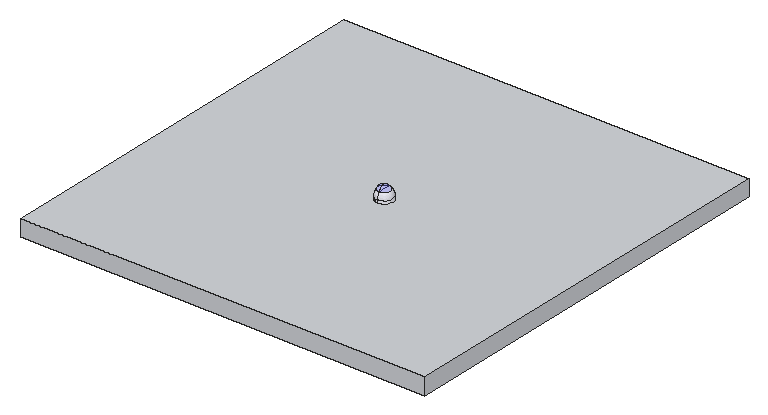
Revit family "BEG-92440", category Dispositifs d'éclairage, Revit 2015
Parameters
  Detection zone [instance] = yes
  URL = "http://www.luxomat.com/en-92440"
  Type of output = "SWITCH"
  Ambiant temperature = "-25°C to +50°C"
  Ref = "92440"
  Relay = "10A"
  height position [instance] = 250 cm
  Modèle = "PD4-M-2C-C-SM"
  Installation type = "Ceiling"
  Brand = "LUXOMAT"
  Image du type = 92440.jpg
  IP = "54"
  Mounting height max = Installation height max  # 270 cm
  Installation height max = 270 cm
  Fabricant = "B.E.G"
  Label [instance] = yes
  Default Elevation = 0 cm
  Consumption = "0.49W"
  Commentaires du type = "Occupancy detector PD4-M-2C-C-SM"
  Code d'assemblage = "D5010200"
  Class = "2"
  Switching power LED = "300W"
  Switching power Cos ɸ =1 = "2300W"
  Switching power Cos ɸ =0,5 = "1150VA"
  Power voltage = "110-240 V AC"
Reference planes (cm)
  plane 1 "Centre (avant/arrière)": y = 0
  plane 2: z = 0
  plane 3 "Centre (gauche/droite)": x = 0
Forms (cm)
  Extrusion 1, solid
    sketch origin (0, 0, 0) x (1, 0, 0) y (0, 1, 0)
      loop
        line (-121.92, 121.92) -> (-121.92, -121.92) -> (121.92, -121.92) -> (121.92, 121.92) -> (-121.92, 121.92)
    from 0 to -10
Dimensions and locks (cm)
  aligned and locked: plane 2 to Extrusion 1
  aligned and locked: level to Extrusion 1
  aligned and locked: nested 2 to plane 2
Nested families (cm)
  nested 1: "Famille1" at (0, -72.6659, 0) x (-1, 0, 0) z (0, 0, 1), reference <- "Ref", modele <- "Modèle", visible <- "Label", type "Famille1"
    with reference "92440", modele "PD4-M-2C-C-SM"
  nested 2: "M14" at (0, 0, 0), type "Standard"
  nested 3: "Symbole plafond 2D couloir" at (0, 0.102, 0), type "Symbole plafond 2D couloir"
  nested 4: "zone I" at (0, 0, 0), visible <- "Detection zone", type "zone I"
    with position 2 320 cm, position 1 960 cm, frontal 800 cm, biais 2400 cm, activité assise 640 cm
Connectors (cm)
  electrical at (0.5717, -0.15, -5.1)
    settings: on nested 2, index 1, voltage 240 V, apparent load 0 VA, apparent load phase1 0 VA, apparent load phase2 0 VA, apparent load phase3 0 VA, power factor 1, load classification "Eclairage", number of poles 1, system type 31, power factor state 1, is connector primary yes, connector utility no, sub classification motor no, connector description ""
Definition of nested family "M14"
  Reference planes (cm)
    plane 1 "Centre (avant/arrière)": y = 0
    plane 2: z = 0
    plane 3 "Centre (gauche/droite)": x = 0
    plane 4: x = 0
  Forms (cm)
    Revolve 1, solid
      sketch origin (0, 0, 0) x (0, -1, 0) y (0, 0, 1)
        loop
          line (0, 0) -> (0, 5) -> (-3.8, 5)
          arc (-3.8, 5) -> (-4.577, 3.2225) -> (-4.8363, 1.3) r 7
          line (-4.8363, 1.3) -> (-4.9363, 1.3) -> (-5.05, 0) -> (0, 0)
        axis (0, 0) -> (0, 5)
      angle from 0 to 360
    Revolve 2, solid
      sketch origin (0, 0, 0) x (0, -1, 0) y (0, 0, 1)
        loop
          arc (0, 7.6) -> (-2.2816, 6.8864) -> (-3.75, 5) r 4.0043
          line (-3.75, 5) -> (0, 5) -> (0, 7.6)
        axis (0, 5) -> (0, 7.6)
      angle from 0 to 360
  Lines and regions (cm)
    reference lines
      curve 1: line (0, 0, 0) -> (0, 0, 7.6)
      curve 2: line (0, 0, 5) -> (0, 3.8, 5)
      curve 3: arc (0, 3.8, 5) -> (0, 4.577, 3.2225) -> (0, 4.8363, 1.3) r 7
      curve 4: line (0, 4.9363, 1.3) -> (0, 4.8363, 1.3)
      curve 5: line (0, 5.05, 0) -> (0, 4.9363, 1.3)
      curve 6: line (0, 0, 0) -> (0, 5.05, 0)
      curve 7: arc (0, 0, 7.6) -> (0, 2.2816, 6.8864) -> (0, 3.75, 5) r 4.0043
      curve 8: line (0, 3.75, 5) -> (0, 0, 5)
      curve 9: line (0, 0, 7.6) -> (0, 0, 5)
      curve 10: line (0, 0, 0) -> (0, 0, 7.6)
  Dimensions and locks (cm)
    aligned and locked: level to plane 2
    aligned and locked: Revolve 1 sketch curve to curve 1  (x2)
    aligned and locked: Revolve 1 sketch curve to curve 2
    aligned and locked: Revolve 1 sketch curve to curve 3
    aligned and locked: Revolve 1 sketch curve to curve 4
    aligned and locked: Revolve 1 sketch curve to curve 5
    aligned and locked: Revolve 1 sketch curve to curve 6
    aligned and locked: Revolve 2 sketch curve to curve 7
    aligned and locked: Revolve 2 sketch curve to curve 8
    aligned and locked: Revolve 2 sketch curve to curve 9
    aligned and locked: Revolve 2 sketch curve to curve 10
Definition of nested family "Famille1"
  Parameters (values of type "Famille1")
    reference [instance] = ""
    modele [instance] = ""
  Reference planes (cm)
    plane 1: y = 0
    plane 2: x = 0
  Text (cm)
    label "reference\n\nmodele" at (0.0074, 0.0451, 0), shows "reference", "modele"
Definition of nested family "Symbole plafond 2D couloir"
  Reference planes (cm)
    plane 1: y = 0
    plane 2: x = 0
  Lines and regions (cm)
    Filled region 1, type "rouge"
      outline origin (0, 0, 0) x (1, 0, 0) y (0, 1, 0)
        loop
          circle (0, 0) r 0.0294
    detail lines
      curve 1: arc (-0.0294, 0, 0) -> (0, -0.0294, 0) -> (0.0294, 0, 0) r 0.0294
      curve 2: arc (0.0294, 0, 0) -> (0, 0.0294, 0) -> (-0.0294, 0, 0) r 0.0294
      curve 3: arc (-0.1768, 0.102, 0) -> (-0.2041, 0, 0) -> (-0.1768, -0.102, 0) r 0.204
      curve 4: arc (0.1766, -0.102, 0) -> (0.2039, 0, 0) -> (0.1766, 0.102, 0) r 0.204
      curve 5: arc (-0.1404, 0.081, 0) -> (-0.1621, 0, 0) -> (-0.1404, -0.081, 0) r 0.162
      curve 6: arc (0.1402, -0.081, 0) -> (0.1619, 0, 0) -> (0.1402, 0.081, 0) r 0.162
      curve 7: arc (-0.104, 0.06, 0) -> (-0.1201, 0, 0) -> (-0.104, -0.06, 0) r 0.12
      curve 8: arc (0.1038, -0.06, 0) -> (0.1199, 0, 0) -> (0.1038, 0.06, 0) r 0.12
Definition of nested family "zone I"
  Parameters (values of type "zone I")
    position 2 [instance] = (frontal / 2) * 0.8  # 320 cm
    position 1 [instance] = (biais / 2) * 0.8  # 960 cm
    frontal [instance] = 800 cm
    biais [instance] = 2400 cm
    activité assise [instance] = 640 cm
  Reference planes (cm)
    plane 1 "Centre (avant/arrière)": y = 0
    plane 2: z = 0
    plane 3 "Centre (gauche/droite)": x = 0
    plane 4: x = 1000
    plane 5: x = -1000
    plane 6: x = -2000
    plane 7: x = 2000
    plane 8: y = 150
    plane 9: y = -150
    plane 10: y = 250
    plane 11: y = -250
  Lines and regions (cm)
    detail lines, in view "Niveau de réf."
      curve 1: spline (2.3068, -307.7265, 0) -> (4.0856, -307.3949, 0) -> (5.7432, -306.4226, 0) -> (7.1667, -304.876, 0) -> (8.2589, -302.8603, 0) -> (8.9455, -300.5131, 0) -> (9.1797, -297.9942, 0) -> (8.9455, -295.4753, 0) -> (8.2589, -293.1281, 0) -> (7.1667, -291.1125, 0) -> (5.7432, -289.5658, 0) -> (4.0856, -288.5936, 0) -> (2.3068, -288.262, 0) -> (0.5279, -288.5936, 0) -> (-1.1297, -289.5658, 0) -> (-2.5531, -291.1125, 0) -> (-3.6453, -293.1281, 0) -> (-4.3319, -295.4753, 0) -> (-4.5661, -297.9942, 0) -> (-4.3319, -300.5131, 0) -> (-3.6453, -302.8603, 0) -> (-2.5531, -304.876, 0) -> (-1.1297, -306.4226, 0) -> (0.5279, -307.3949, 0) -> (2.3068, -307.7265, 0)
      curve 2: line (-4.7649, -295.0929, 0) -> (0.5136, -307.9212, 0)
      curve 3: line (3.5648, -308.0775, 0) -> (9.2455, -294.5266, 0)
      curve 4: line (-0.3759, -288.4588, 0) -> (-3.0011, -290.8806, 0)
      curve 5: line (3.5053, -308.5045, 0) -> (6.62, -308.3756, 0)
      curve 6: line (1.7304, -308.3525, 0) -> (3.5053, -308.5045, 0)
      curve 7: line (-4.7649, -295.0929, 0) -> (0.5136, -307.9212, 0)
      curve 8: line (-21.1936, -295.3894, 0) -> (-24.4202, -297.3623, 0)
      curve 9: line (-21.1936, -295.3894, 0) -> (-24.4202, -297.3623, 0)
      curve 10: line (-0.3759, -288.4588, 0) -> (-3.0011, -290.8806, 0)
      curve 11: line (1.7304, -308.3525, 0) -> (6.62, -308.3756, 0)
      curve 12: line (3.5648, -308.0775, 0) -> (9.2455, -294.5266, 0)
      curve 13: line (0, -280, 0) -> (0, -249.0788, 0)
      curve 14: line (0, -249.0788, 0) -> (0, -240.7814, 0)
      curve 15: spline (-1521.106, -27.7265, 0) -> (-1519.3271, -27.3949, 0) -> (-1517.6695, -26.4226, 0) -> (-1516.2461, -24.876, 0) -> (-1515.1539, -22.8603, 0) -> (-1514.4673, -20.5131, 0) -> (-1514.2331, -17.9942, 0) -> (-1514.4673, -15.4753, 0) -> (-1515.1539, -13.1281, 0) -> (-1516.2461, -11.1125, 0) -> (-1517.6695, -9.5658, 0) -> (-1519.3271, -8.5936, 0) -> (-1521.106, -8.262, 0) -> (-1522.8848, -8.5936, 0) -> (-1524.5424, -9.5658, 0) -> (-1525.9659, -11.1125, 0) -> (-1527.0581, -13.1281, 0) -> (-1527.7447, -15.4753, 0) -> (-1527.9789, -17.9942, 0) -> (-1527.7447, -20.5131, 0) -> (-1527.0581, -22.8603, 0) -> (-1525.9659, -24.876, 0) -> (-1524.5424, -26.4226, 0) -> (-1522.8848, -27.3949, 0) -> (-1521.106, -27.7265, 0)
      curve 16: line (-1528.1777, -15.0929, 0) -> (-1522.8992, -27.9212, 0)
      curve 17: line (-1519.848, -28.0775, 0) -> (-1514.1673, -14.5266, 0)
      curve 18: line (-1523.7887, -8.4588, 0) -> (-1526.4139, -10.8806, 0)
      curve 19: line (-1519.9075, -28.5045, 0) -> (-1516.7928, -28.3756, 0)
      curve 20: line (-1521.6824, -28.3525, 0) -> (-1519.9075, -28.5045, 0)
      curve 21: line (-1528.1777, -15.0929, 0) -> (-1522.8992, -27.9212, 0)
      curve 22: line (-1544.6063, -15.3894, 0) -> (-1547.833, -17.3623, 0)
      curve 23: line (-1544.6063, -15.3894, 0) -> (-1547.833, -17.3623, 0)
      curve 24: line (-1523.7887, -8.4588, 0) -> (-1526.4139, -10.8806, 0)
      curve 25: line (-1521.6824, -28.3525, 0) -> (-1516.7928, -28.3756, 0)
      curve 26: line (-1519.848, -28.0775, 0) -> (-1514.1673, -14.5266, 0)
      curve 27: line (-1523.4128, 0, 0) -> (-1523.4128, 30.9212, 0)
      curve 28: line (-1523.4128, 30.9212, 0) -> (-1523.4128, 39.2186, 0)
      curve 169: spline (-372.7692, 145.0624, 0) -> (-523.6863, 149.8316, 0) -> (-672.4215, 140.7991, 0) -> (-805.2741, 118.7969, 0) -> (-910.0066, 85.8517, 0) -> (-976.9713, 44.9984, 0) -> (-1000, 0, 0) -> (-976.9713, -44.9984, 0) -> (-910.0066, -85.8517, 0) -> (-805.2741, -118.7969, 0) -> (-672.4215, -140.7991, 0) -> (-523.6863, -149.8316, 0) -> (-372.7692, -145.0624, 0)
      curve 170: arc (-1930.5405, 241.3176, 0) -> (-2000, 0, 0) -> (-1930.5405, -241.3176, 0) r 453.9252
      curve 171: line (-852.071, 106.5089, 0) -> (-1930.5405, 241.3176, 0)
      curve 172: line (-852.071, -106.5089, 0) -> (-1930.5405, -241.3176, 0)
      curve 173: arc (-372.7692, -145.0624, 0) -> (0, -400, 0) -> (372.7692, -145.0624, 0) r 400
      curve 174: spline (372.7692, 145.0624, 0) -> (523.6863, 149.8316, 0) -> (672.4215, 140.7991, 0) -> (805.2741, 118.7969, 0) -> (910.0066, 85.8517, 0) -> (976.9713, 44.9984, 0) -> (1000, 0, 0) -> (976.9713, -44.9984, 0) -> (910.0066, -85.8517, 0) -> (805.2741, -118.7969, 0) -> (672.4215, -140.7991, 0) -> (523.6863, -149.8316, 0) -> (372.7692, -145.0624, 0)
      curve 175: arc (1930.5405, 241.3176, 0) -> (2000, 0, 0) -> (1930.5405, -241.3176, 0) r 453.9252
      curve 176: line (852.071, 106.5089, 0) -> (1930.5405, 241.3176, 0)
      curve 177: line (852.071, -106.5089, 0) -> (1930.5405, -241.3176, 0)
      curve 178: arc (372.7692, 145.0624, 0) -> (0, 400, 0) -> (-372.7692, 145.0624, 0) r 400
    detail lines, in view "Niveau de réf.", not visible
      curve 29: spline (925.976, -22.5654, 0) -> (926.342, -22.7186, 0) -> (927.4152, -22.8614, 0) -> (929.1224, -22.984, 0) -> (931.3472, -23.0781, 0) -> (933.938, -23.1373, 0) -> (936.7184, -23.1574, 0) -> (939.4987, -23.1373, 0) -> (942.0896, -23.0781, 0) -> (944.3144, -22.984, 0) -> (946.0216, -22.8614, 0) -> (947.0948, -22.7186, 0) -> (947.4608, -22.5654, 0) -> (947.0948, -22.4122, 0) -> (946.0216, -22.2694, 0) -> (944.3144, -22.1467, 0) -> (942.0896, -22.0527, 0) -> (939.4987, -21.9935, 0) -> (936.7184, -21.9733, 0) -> (933.938, -21.9935, 0) -> (931.3472, -22.0527, 0) -> (929.1224, -22.1467, 0) -> (927.4152, -22.2694, 0) -> (926.342, -22.4122, 0) -> (925.976, -22.5654, 0)
      curve 30: line (925.976, -22.5654, 0) -> (927.5256, -22.2591, 0)
      curve 31: arc (928.6032, -42.366, 0) -> (923.9612, -42.9632, 0) -> (919.6215, -44.716, 0) r 18.3388
      curve 32: arc (919.6215, -44.716, 0) -> (919.5545, -44.7818, 0) -> (919.5297, -44.8725, 0) r 0.1799
      curve 33: arc (928.7956, -42.9577, 0) -> (924.5053, -43.3576, 0) -> (920.3988, -44.6624, 0) r 20.1051
      curve 34: arc (920.3988, -44.6624, 0) -> (920.213, -44.7562, 0) -> (920.0404, -44.8725, 0) r 1.6679
      curve 35: circle (919.7851, -45.6065, 0) r 0.5096 normal (0, 0, 1)
      curve 36: arc (920.3547, -45.6065, 0) -> (919.7851, -45.0369, 0) -> (919.2155, -45.6065, 0) r 0.5696
      curve 37: arc (920.4147, -45.6065, 0) -> (919.7851, -44.9769, 0) -> (919.1555, -45.6065, 0) r 0.6296
      curve 38: arc (944.8336, -42.366, 0) -> (949.4756, -42.9632, 0) -> (953.8152, -44.716, 0) r 18.3388
      curve 39: arc (953.8152, -44.716, 0) -> (953.8823, -44.7818, 0) -> (953.907, -44.8725, 0) r 0.1799
      curve 40: arc (944.6412, -42.9577, 0) -> (948.9315, -43.3576, 0) -> (953.038, -44.6624, 0) r 20.1051
      curve 41: arc (953.038, -44.6624, 0) -> (953.2237, -44.7562, 0) -> (953.3964, -44.8725, 0) r 1.6679
      curve 42: circle (953.6517, -45.6065, 0) r 0.5096 normal (0, 0, 1)
      curve 43: arc (954.2213, -45.6065, 0) -> (953.6517, -45.0369, 0) -> (953.0821, -45.6065, 0) r 0.5696
      curve 44: arc (954.2813, -45.6065, 0) -> (953.6517, -44.9769, 0) -> (953.0221, -45.6065, 0) r 0.6296
      curve 45: arc (935.9933, -42.366, 0) -> (932.2655, -43.2182, 0) -> (928.7471, -44.716, 0) r 21.5424
      curve 46: arc (928.7471, -44.716, 0) -> (928.68, -44.7818, 0) -> (928.6553, -44.8725, 0) r 0.1799
      curve 47: arc (935.9933, -42.9577, 0) -> (932.6991, -43.5833, 0) -> (929.5243, -44.6624, 0) r 23.9713
      curve 48: arc (929.5243, -44.6624, 0) -> (929.3417, -44.7544, 0) -> (929.1716, -44.8681, 0) r 1.6679
      curve 49: arc (936.2298, -42.9577, 0) -> (932.9838, -43.6066, 0) -> (929.8464, -44.6624, 0) r 26.0219
      curve 50: arc (929.8464, -44.6624, 0) -> (929.6606, -44.7562, 0) -> (929.488, -44.8725, 0) r 1.6679
      curve 51: circle (929.0716, -45.6065, 0) r 0.5096 normal (0, 0, 1)
      curve 52: arc (929.6412, -45.6065, 0) -> (929.0716, -45.0369, 0) -> (928.502, -45.6065, 0) r 0.5696
      curve 53: arc (929.7012, -45.6065, 0) -> (929.0716, -44.9769, 0) -> (928.442, -45.6065, 0) r 0.6296
      curve 54: arc (937.4435, -42.366, 0) -> (941.1713, -43.2182, 0) -> (944.6897, -44.716, 0) r 21.5424
      curve 55: arc (944.6897, -44.716, 0) -> (944.7568, -44.7818, 0) -> (944.7815, -44.8725, 0) r 0.1799
      curve 56: arc (937.4435, -42.9577, 0) -> (940.7377, -43.5833, 0) -> (943.9124, -44.6624, 0) r 23.9713
      curve 57: arc (943.9124, -44.6624, 0) -> (944.0982, -44.7562, 0) -> (944.2708, -44.8725, 0) r 1.6679
      curve 58: arc (937.207, -42.9577, 0) -> (940.453, -43.6066, 0) -> (943.5904, -44.6624, 0) r 26.0219
      curve 59: arc (943.5904, -44.6624, 0) -> (943.7762, -44.7562, 0) -> (943.9488, -44.8725, 0) r 1.6679
      curve 60: circle (944.3651, -45.6065, 0) r 0.5096 normal (0, 0, 1)
      curve 61: arc (944.9347, -45.6065, 0) -> (944.3651, -45.0369, 0) -> (943.7956, -45.6065, 0) r 0.5696
      curve 62: arc (944.9947, -45.6065, 0) -> (944.3651, -44.9769, 0) -> (943.7356, -45.6065, 0) r 0.6296
      curve 63: arc (928.2447, -16.9067, 0) -> (929.3751, -19.9599, 0) -> (932.3873, -21.1953, 0) r 4.0512
      curve 64: arc (947.5341, -21.5503, 0) -> (948.2989, -21.9955, 0) -> (948.4581, -22.866, 0) r 1.0582
      curve 65: arc (948.4581, -22.866, 0) -> (947.1637, -32.0042, 0) -> (947.1824, -41.2336, 0) r 64.7189
      curve 66: arc (947.1824, -41.2336, 0) -> (947.3196, -41.7803, 0) -> (947.8, -42.0753, 0) r 0.7467
      curve 67: arc (947.8, -42.0753, 0) -> (950.8812, -42.6489, 0) -> (954.0146, -42.7177, 0) r 19.3577
      curve 68: arc (954.0146, -42.7177, 0) -> (953.6164, -42.2163, 0) -> (953.0065, -42.0212, 0) r 1.1013
      curve 69: arc (953.0065, -42.0212, 0) -> (950.8253, -41.5868, 0) -> (948.6939, -40.9514, 0) r 23.8747
      curve 70: arc (948.6939, -40.9514, 0) -> (949.6481, -32.326, 0) -> (950.4047, -23.6811, 0) r 379.1961
      curve 71: arc (950.4047, -23.6811, 0) -> (950.1819, -20.9354, 0) -> (948.1945, -19.0278, 0) r 3.8846
      curve 72: arc (948.1945, -19.0278, 0) -> (942.0386, -16.9625, 0) -> (935.5985, -16.1341, 0) r 33.2193
      curve 73: arc (935.5985, -16.1341, 0) -> (936.4011, -8.4722, 0) -> (936.3918, -0.7683, 0) r 72.9952
      curve 74: arc (936.1411, 2.5028, 0) -> (936.0331, 3.5186, 0) -> (935.9108, 4.5328, 0) r 72.9952
      curve 75: arc (933.0779, 4.298, 0) -> (930.9101, 3.5141, 0) -> (931.7641, 1.3729, 0) r 1.6042
      curve 76: arc (935.9108, 4.5328, 0) -> (932.5228, 6.4802, 0) -> (929.1348, 4.5328, 0) r 3.9209
      curve 77: arc (962.4108, -5.4595, 0) -> (962.3989, -5.5507, 0) -> (962.3115, -5.5223, 0) r 0.0597
      curve 78: arc (960.275, -5.2364, 0) -> (960.303, -5.394, 0) -> (960.1444, -5.4151, 0) r 0.1108
      curve 79: spline (932.3619, 15.8637, 0) -> (933.2734, 15.7331, 0) -> (934.1297, 15.3083, 0) -> (934.8726, 14.6182, 0) -> (935.4514, 13.7099, 0) -> (935.8267, 12.6452, 0) -> (935.9728, 11.4968, 0) -> (935.8798, 10.3428, 0) -> (935.5541, 9.262, 0) -> (935.0179, 8.3279, 0) -> (934.3076, 7.6043, 0) -> (933.4718, 7.1404, 0) -> (932.5673, 6.9679, 0) -> (931.6558, 7.0985, 0) -> (930.7994, 7.5233, 0) -> (930.0565, 8.2134, 0) -> (929.4777, 9.1217, 0) -> (929.1025, 10.1864, 0) -> (928.9564, 11.3348, 0) -> (929.0493, 12.4888, 0) -> (929.375, 13.5696, 0) -> (929.9113, 14.5037, 0) -> (930.6215, 15.2273, 0) -> (931.4574, 15.6912, 0) -> (932.3619, 15.8637, 0)
      curve 80: line (957.0918, -46.116, 0) -> (997.8768, -46.116, 0)
      curve 81: line (997.8768, -46.116, 0) -> (997.8768, -7.1091, 0)
      curve 82: line (997.8768, -7.1091, 0) -> (957.0918, -7.1091, 0)
      curve 83: line (957.0918, -7.1091, 0) -> (957.0918, -46.116, 0)
      curve 84: line (957.0918, -46.116, 0) -> (910.5345, -46.116, 0)
      curve 85: line (951.1501, -7.1091, 0) -> (1003.8185, -7.1091, 0)
      curve 86: line (1003.8185, -7.1091, 0) -> (1003.8185, -5.6427, 0)
      curve 87: line (1003.8185, -5.6427, 0) -> (951.1501, -5.6427, 0)
      curve 88: line (951.1501, -5.6427, 0) -> (951.1501, -7.1091, 0)
      curve 89: line (935.7304, -23.1574, 0) -> (937.7064, -23.1574, 0)
      curve 90: line (937.7064, -23.1574, 0) -> (937.7064, -42.366, 0)
      curve 91: line (937.7064, -42.366, 0) -> (935.7304, -42.366, 0)
      curve 92: line (935.7304, -42.366, 0) -> (935.7304, -23.1574, 0)
      curve 93: line (935.7304, -42.366, 0) -> (928.6032, -42.366, 0)
      curve 94: line (919.5297, -44.8725, 0) -> (920.0404, -44.8725, 0)
      curve 95: line (937.4435, -42.366, 0) -> (937.207, -42.9577, 0)
      curve 96: line (937.207, -42.9577, 0) -> (937.4435, -42.9577, 0)
      curve 97: line (937.4435, -42.9577, 0) -> (936.7184, -42.9577, 0)
      curve 98: line (936.7184, -42.9577, 0) -> (935.9933, -42.9577, 0)
      curve 99: line (935.9933, -42.9577, 0) -> (936.2298, -42.9577, 0)
      curve 100: line (936.2298, -42.9577, 0) -> (935.9933, -42.366, 0)
      curve 101: line (933.13, -42.9577, 0) -> (928.7956, -42.9577, 0)
      curve 102: line (919.2155, -45.6065, 0) -> (919.1555, -45.6065, 0)
      curve 103: line (920.3547, -45.6065, 0) -> (920.4147, -45.6065, 0)
      curve 104: line (919.8851, -44.9848, 0) -> (919.8851, -44.8725, 0)
      curve 105: line (919.6851, -44.9848, 0) -> (919.6851, -44.8725, 0)
      curve 106: line (937.7064, -42.366, 0) -> (944.8336, -42.366, 0)
      curve 107: line (953.907, -44.8725, 0) -> (953.3964, -44.8725, 0)
      curve 108: line (940.3068, -42.9577, 0) -> (944.6412, -42.9577, 0)
      curve 109: line (954.2213, -45.6065, 0) -> (954.2813, -45.6065, 0)
      curve 110: line (953.0821, -45.6065, 0) -> (953.0221, -45.6065, 0)
      curve 111: line (953.5517, -44.9848, 0) -> (953.5517, -44.8725, 0)
      curve 112: line (953.7517, -44.9848, 0) -> (953.7517, -44.8725, 0)
      curve 113: line (928.6553, -44.8725, 0) -> (929.488, -44.8725, 0)
      curve 114: line (928.502, -45.6065, 0) -> (928.442, -45.6065, 0)
      curve 115: line (929.6412, -45.6065, 0) -> (929.7012, -45.6065, 0)
      curve 116: line (929.1716, -44.9848, 0) -> (929.1716, -44.8681, 0)
      curve 117: line (928.9716, -44.9848, 0) -> (928.9716, -44.8725, 0)
      curve 118: line (944.7815, -44.8725, 0) -> (943.9488, -44.8725, 0)
      curve 119: line (944.9347, -45.6065, 0) -> (944.9947, -45.6065, 0)
      curve 120: line (943.7956, -45.6065, 0) -> (943.7356, -45.6065, 0)
      curve 121: line (944.2651, -44.9848, 0) -> (944.2651, -44.8725, 0)
      curve 122: line (944.4651, -44.9848, 0) -> (944.4651, -44.8725, 0)
      curve 123: line (932.3873, -21.1953, 0) -> (947.5341, -21.5503, 0)
      curve 124: line (928.2447, -16.9067, 0) -> (929.1348, 4.5328, 0)
      curve 125: line (933.0779, 4.298, 0) -> (945.9271, -3.2324, 0)
      curve 126: line (945.9271, -3.2324, 0) -> (956.9598, -4.1102, 0)
      curve 127: line (956.9598, -4.1102, 0) -> (959.6493, -4.0553, 0)
      curve 128: line (959.6493, -4.0553, 0) -> (961.5155, -4.4943, 0)
      curve 129: line (961.5155, -4.4943, 0) -> (962.4108, -5.4595, 0)
      curve 130: line (962.3115, -5.5223, 0) -> (961.4719, -4.6876, 0)
      curve 131: line (961.4719, -4.6876, 0) -> (959.6412, -4.4783, 0)
      curve 132: line (959.6412, -4.4783, 0) -> (959.2367, -4.7524, 0)
      curve 133: line (959.2367, -4.7524, 0) -> (960.275, -5.2364, 0)
      curve 134: line (960.1444, -5.4151, 0) -> (958.5871, -4.8823, 0)
      curve 135: line (958.5871, -4.8823, 0) -> (956.7566, -5.1214, 0)
      curve 136: line (956.7566, -5.1214, 0) -> (945.2383, -4.8614, 0)
      curve 137: line (945.2383, -4.8614, 0) -> (931.7641, 1.3729, 0)
      curve 138: line (931.3882, 7.1969, 0) -> (931.2583, 6.2707, 0)
      curve 139: line (933.7384, 7.2529, 0) -> (933.8809, 6.2375, 0)
      curve 140: line (997.8768, -46.116, 0) -> (1009.4512, -46.116, 0)
      curve 141: spline (630.3724, -48.277, 0) -> (632.1512, -47.9453, 0) -> (633.8088, -46.9731, 0) -> (635.2323, -45.4264, 0) -> (636.3245, -43.4108, 0) -> (637.0111, -41.0636, 0) -> (637.2453, -38.5447, 0) -> (637.0111, -36.0258, 0) -> (636.3245, -33.6786, 0) -> (635.2323, -31.663, 0) -> (633.8088, -30.1163, 0) -> (632.1512, -29.1441, 0) -> (630.3724, -28.8124, 0) -> (628.5935, -29.1441, 0) -> (626.9359, -30.1163, 0) -> (625.5125, -31.663, 0) -> (624.4202, -33.6786, 0) -> (623.7336, -36.0258, 0) -> (623.4995, -38.5447, 0) -> (623.7336, -41.0636, 0) -> (624.4202, -43.4108, 0) -> (625.5125, -45.4264, 0) -> (626.9359, -46.9731, 0) -> (628.5935, -47.9453, 0) -> (630.3724, -48.277, 0)
      curve 142: line (623.3007, -35.6434, 0) -> (628.5792, -48.4717, 0)
      curve 143: line (631.6303, -48.628, 0) -> (637.311, -35.0771, 0)
      curve 144: line (627.6897, -29.0093, 0) -> (625.0645, -31.4311, 0)
      curve 145: line (631.5709, -49.055, 0) -> (634.6856, -48.9261, 0)
      curve 146: line (629.7959, -48.903, 0) -> (631.5709, -49.055, 0)
      curve 147: line (623.3007, -35.6434, 0) -> (628.5792, -48.4717, 0)
      curve 148: line (606.872, -35.9399, 0) -> (603.6454, -37.9127, 0)
      curve 149: line (606.872, -35.9399, 0) -> (603.6454, -37.9127, 0)
      curve 150: line (627.6897, -29.0093, 0) -> (625.0645, -31.4311, 0)
      curve 151: line (629.7959, -48.903, 0) -> (634.6856, -48.9261, 0)
      curve 152: line (631.6303, -48.628, 0) -> (637.311, -35.0771, 0)
      curve 153: line (628.0656, -20.5505, 0) -> (628.0656, 10.3707, 0)
      curve 154: line (628.0656, 10.3707, 0) -> (628.0656, 18.6681, 0)
      curve 155: spline (1030.3724, -260.777, 0) -> (1032.1512, -260.4453, 0) -> (1033.8088, -259.4731, 0) -> (1035.2323, -257.9264, 0) -> (1036.3245, -255.9108, 0) -> (1037.0111, -253.5636, 0) -> (1037.2453, -251.0447, 0) -> (1037.0111, -248.5258, 0) -> (1036.3245, -246.1786, 0) -> (1035.2323, -244.163, 0) -> (1033.8088, -242.6163, 0) -> (1032.1512, -241.6441, 0) -> (1030.3724, -241.3124, 0) -> (1028.5935, -241.6441, 0) -> (1026.9359, -242.6163, 0) -> (1025.5125, -244.163, 0) -> (1024.4202, -246.1786, 0) -> (1023.7336, -248.5258, 0) -> (1023.4995, -251.0447, 0) -> (1023.7336, -253.5636, 0) -> (1024.4202, -255.9108, 0) -> (1025.5125, -257.9264, 0) -> (1026.9359, -259.4731, 0) -> (1028.5935, -260.4453, 0) -> (1030.3724, -260.777, 0)
      curve 156: line (1023.3007, -248.1434, 0) -> (1028.5792, -260.9717, 0)
      curve 157: line (1031.6303, -261.128, 0) -> (1037.311, -247.5771, 0)
      curve 158: line (1027.6897, -241.5093, 0) -> (1025.0645, -243.9311, 0)
      curve 159: line (1031.5709, -261.555, 0) -> (1034.6856, -261.4261, 0)
      curve 160: line (1029.7959, -261.403, 0) -> (1031.5709, -261.555, 0)
      curve 161: line (1023.3007, -248.1434, 0) -> (1028.5792, -260.9717, 0)
      curve 162: line (1006.872, -248.4399, 0) -> (1003.6454, -250.4127, 0)
      curve 163: line (1006.872, -248.4399, 0) -> (1003.6454, -250.4127, 0)
      curve 164: line (1027.6897, -241.5093, 0) -> (1025.0645, -243.9311, 0)
      curve 165: line (1029.7959, -261.403, 0) -> (1034.6856, -261.4261, 0)
      curve 166: line (1031.6303, -261.128, 0) -> (1037.311, -247.5771, 0)
      curve 167: line (1028.0656, -233.0505, 0) -> (1028.0656, -202.1293, 0)
      curve 168: line (1028.0656, -202.1293, 0) -> (1028.0656, -193.8319, 0)
  Text (cm)
    text "2" at (0.4332, -321.3743, 0), in view "Niveau de réf."
    text "1" at (-1522.9796, -41.3743, 0), in view "Niveau de réf."
    text "1" at (628.4988, -61.9248, 0), in view "Niveau de réf.", not visible
    text "2" at (1028.4988, -274.4248, 0), in view "Niveau de réf.", not visible
  Dimensions and locks (cm)
    aligned and locked: curve 27 to plane 1 "Centre (avant/arrière)"
    aligned and locked: curve 13 to plane 3 "Centre (gauche/droite)"
